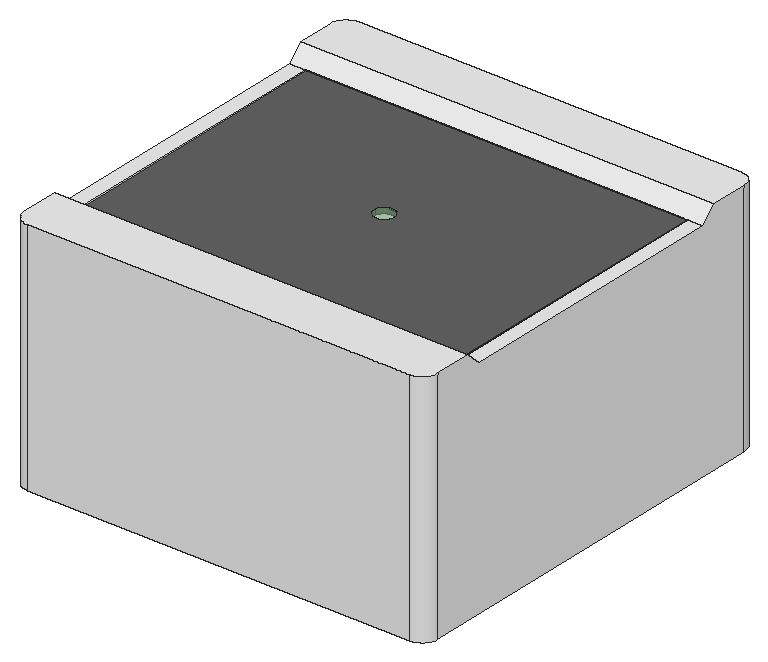
Revit family "Long Range Receiver_WRR-22_Farpointe_R15", category Security Devices, host Face, Revit 2015
Parameters
  Width = 3.3"
  White Plastic [instance] = White Plastic
  URL - Quick Start Guides [instance] = "http://farpointedata.com/downloads/qsg_and_ref/WRR22_RangerReceiver_QSG.pdf"
  URL - Mounting Guides Letter Size [instance] = "N/A"
  URL - Mounting Guides A4 Size [instance] = "N/A"
  URL - Data Sheets [instance] = "http://farpointedata.com/downloads/datasheets/WRR22_TDS.pdf"
  URL - Bid Specifications [instance] = "http://farpointedata.com/downloads/bid_specs/Farpointe_Ranger_Specification.docx"
  URL = "http://www.farpointedata.com/"
  Modeled By [instance] = "www.commensestudio.com"
  Model = "WRR-22 Ranger Long-Range Receiver"  # constant formula
  Manufacturer = "Farpointe Data"  # constant formula
  LED [instance] = LED
  Height = 3.3"
  Description = "Two Channel"  # constant formula
  Depth = 1.9"
  Default Elevation = 48"
  Black Plastic [instance] = Black Plastic
Reference planes (in)
  plane 1 "Center (Front/Back)": y = 0
  plane 2: z = 0
  plane 3 "Center (Left/Right)": x = 0
  plane 4: x = -1.65
  plane 5: x = 1.65
  plane 6: y = 1.65
  plane 7: y = -1.65
  plane 8: z = 1.9
Forms (in)
  Extrusion 1, solid, material "White Plastic" <- "White Plastic"
    sketch origin (0, 0, 0) x (1, 0, 0) y (0, 1, 0)
      loop
        arc (-1.525, 1.65) -> (-1.61339, 1.61339) -> (-1.65, 1.525) r 0.125
        line (-1.65, 1.525) -> (-1.65, -1.525)
        arc (-1.65, -1.525) -> (-1.61339, -1.61339) -> (-1.525, -1.65) r 0.125
        line (-1.525, -1.65) -> (1.525, -1.65)
        arc (1.525, -1.65) -> (1.61339, -1.61339) -> (1.65, -1.525) r 0.125
        line (1.65, -1.525) -> (1.65, 1.525)
        arc (1.65, 1.525) -> (1.61339, 1.61339) -> (1.525, 1.65) r 0.125
        line (1.525, 1.65) -> (-1.525, 1.65)
    from 0 to 1.9
  Extrusion 2, void
    sketch origin (0, 0, 0) x (0, 1, 0) y (0, 0, 1)
      loop
        line (-1.22641, 1.9) -> (-1.11922, 1.79281) -> (1.11922, 1.79281) -> (1.22641, 1.9) -> (-1.22641, 1.9)
    from -1.65 to 1.65
  Extrusion 3, void
    sketch origin (0, 0, 0) x (1, 0, 0) y (0, 1, 0)
      loop
        circle (0, 0) r 0.07968
    from 1.75 to 1.9
  Extrusion 4, void
    sketch origin (0, 0, 0) x (1, 0, 0) y (0, 1, 0)
      loop
        line (-1.525, 1.11922) -> (-1.525, -1.11922) -> (1.525, -1.11922) -> (1.525, 1.11922) -> (-1.525, 1.11922)
    from 1.75 to 1.79281
  Extrusion 5, solid, material "Black Plastic" <- "Black Plastic"
    sketch origin (0, 0, 0) x (1, 0, 0) y (0, 1, 0)
      loop
        line (-1.525, 1.11922) -> (-1.525, -1.11922) -> (1.525, -1.11922) -> (1.525, 1.11922) -> (-1.525, 1.11922)
      loop
        circle (0, 0) r 0.07968
    from 1.75 to 1.79
  Extrusion 6, solid, material "LED" <- "LED"
    sketch origin (0, 0, 0) x (1, 0, 0) y (0, 1, 0)
      loop
        circle (0, 0) r 0.07968
    from 1.75 to 1.79
Cuts and joins
  Extrusion 2, Extrusion 3, Extrusion 4 cuts Extrusion 1
Dimensions and locks (in)
  equal spacing: plane 7, plane 1 "Center (Front/Back)", plane 6
  equal spacing: plane 4, plane 3 "Center (Left/Right)", plane 5
  "Height": plane 7 to plane 6
  "Width": plane 4 to plane 5
  "Depth": plane 8 to level
  aligned and locked: plane 2 to host face
  aligned and locked: level to host face
  aligned and locked: plane 8 to Extrusion 1
Automatic sketch dimensions
  host sketch curve to host sketch curve = 96"  (x2)
  plane 7 to Extrusion 1 sketch curve = 0"
  plane 6 to Extrusion 1 sketch curve = 0"
  Extrusion 1 sketch curve to plane 5 = 0"
  plane 4 to Extrusion 1 sketch curve = 0.125"  (x2)
  Extrusion 1 sketch curve to plane 5 = 0.125"  (x2)
  Extrusion 1 sketch curve to plane 4 = 0"
  Extrusion 2 sketch curve to plane 8 = 0"
  Extrusion 2 sketch curve to plane 8 = 0.10719"
  Extrusion 2 sketch curve to plane 7 = 0.53078"
  Extrusion 2 sketch curve to Extrusion 2 sketch curve = 0.10719"  (x2)
  plane 6 to Extrusion 2 sketch curve = 0.53078"
  plane 1 "Center (Front/Back)" to Extrusion 3 sketch curve = 0"
  Extrusion 3 sketch curve to plane 3 "Center (Left/Right)" = 0"
  plane 4 to Extrusion 4 sketch curve = 0.125"
  Extrusion 4 sketch curve to plane 5 = 0.125"
  Extrusion 4 sketch curve to plane 7 = 0.53078"
  plane 6 to Extrusion 4 sketch curve = 0.53078"
  plane 1 "Center (Front/Back)" to Extrusion 5 sketch curve = 0"
  Extrusion 5 sketch curve to plane 3 "Center (Left/Right)" = 0"
  plane 4 to Extrusion 5 sketch curve = 0.125"
  Extrusion 5 sketch curve to plane 5 = 0.125"
  Extrusion 5 sketch curve to plane 7 = 0.53078"
  plane 6 to Extrusion 5 sketch curve = 0.53078"
  plane 1 "Center (Front/Back)" to Extrusion 6 sketch curve = 0"
  Extrusion 6 sketch curve to plane 3 "Center (Left/Right)" = 0"
  radius of Extrusion 3 sketch curve = 0.07968"
  radius of Extrusion 5 sketch curve = 0.07968"
  radius of Extrusion 6 sketch curve = 0.07968"
Connectors (in)
  electrical at (0, 0, 0)
    settings: index 1, voltage 0 V, apparent load 0 VA, apparent load phase1 0 VA, apparent load phase2 0 VA, apparent load phase3 0 VA, power factor 1, load classification "Other", number of poles 1, system type 10, power factor state 1, is connector primary yes, connector utility no, sub classification motor no, connector description ""
